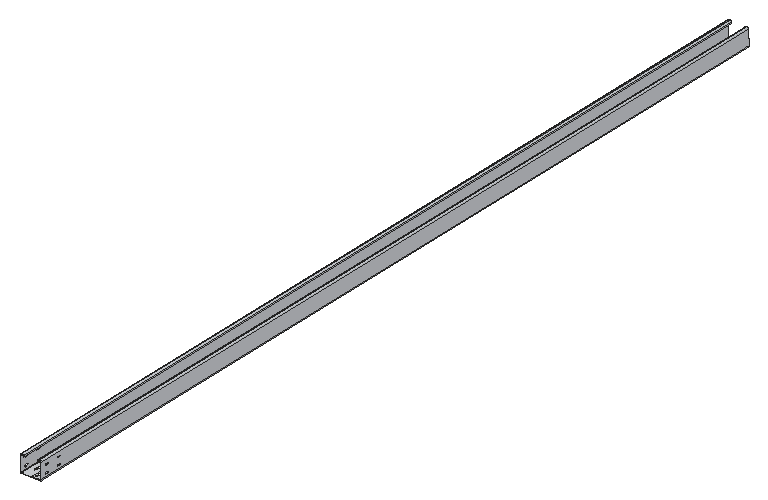
Revit family "Kabelrinne RKS- RKS 605 FS", category Generic Models, Revit 2017
Family settings
  Can host rebar = No
  Round Connector Dimension = Use Diameter
  Part Type = Normal
  Work Plane-Based = No
  Always vertical = Yes
  Cut with Voids When Loaded = No
  Shared = No
  Room Calculation Point = No
Parameters (values of type "RKS 607 FS")
  Width 2 = Width 1 / 2  # 35 mm
  Width 1 = 70 mm
  Width = 0.7 mm
  URL = "http://www.obo-bettermann.com"
  Material = Strip-galvanised
  Manufacturer Art.No. = "6055893"
  Manufacturer = "OBO BETTERMANN"
  Length = 3000 mm
  GTIN = "4012196388691"
  Cut's space = 50 mm
  Cut's number 3 = 2
  Cut's number 2 = Length / Cut's space - 1  # 59
  Cut's number = Length / Cut's space  # 60
  Article Type = "RKS 607 FS"
Reference planes
  plane 1 "Center (Front/Back)": y = 0
  plane 2: z = 0
  plane 3 "Center (Left/Right)": x = 0
  plane 4: z = 54
  plane 5: z = 60
  plane 6: y = 3000
  plane 7: y = 25
  plane 8: x = 12
  plane 9: y = 75
  plane 10: x = 12
  plane 11: y = 125
  plane 12: x = 12
  plane 13: y = 175
  plane 14: x = 12
  plane 15: y = 225
  plane 16: x = 12
  plane 17: y = 275
  plane 18: x = 12
  plane 19: y = 325
  plane 20: x = 12
  plane 21: y = 375
  plane 22: x = 12
  plane 23: y = 425
  plane 24: x = 12
  plane 25: y = 475
  plane 26: x = 12
  plane 27: y = 525
  plane 28: x = 12
  plane 29: y = 575
  plane 30: x = 12
  plane 31: y = 625
  plane 32: x = 12
  plane 33: y = 675
  plane 34: x = 12
  plane 35: y = 725
  plane 36: x = 12
  plane 37: y = 775
  plane 38: x = 12
  plane 39: y = 825
  plane 40: x = 12
  plane 41: y = 875
  plane 42: x = 12
  plane 43: y = 925
  plane 44: x = 12
  plane 45: y = 975
  plane 46: x = 12
  plane 47: y = 1025
  plane 48: x = 12
  plane 49: y = 1075
  plane 50: x = 12
  plane 51: y = 1125
  plane 52: x = 12
  plane 53: y = 1175
  plane 54: x = 12
  plane 55: y = 1225
  plane 56: x = 12
  plane 57: y = 1275
  plane 58: x = 12
  plane 59: y = 1325
  plane 60: x = 12
  plane 61: y = 1375
  plane 62: x = 12
  plane 63: y = 1425
  plane 64: x = 12
  plane 65: y = 1475
  plane 66: x = 12
  plane 67: y = 1525
  plane 68: x = 12
  plane 69: y = 1575
  plane 70: x = 12
  plane 71: y = 1625
  plane 72: x = 12
  plane 73: y = 1675
  plane 74: x = 12
  plane 75: y = 1725
  plane 76: x = 12
  plane 77: y = 1775
  plane 78: x = 12
  plane 79: y = 1825
  plane 80: x = 12
  plane 81: y = 1875
  plane 82: x = 12
  plane 83: y = 1925
  plane 84: x = 12
  plane 85: y = 1975
  plane 86: x = 12
  plane 87: y = 2025
  plane 88: x = 12
  plane 89: y = 2075
  plane 90: x = 12
  plane 91: y = 2125
  plane 92: x = 12
  plane 93: y = 2175
  plane 94: x = 12
  plane 95: y = 2225
  plane 96: x = 12
  plane 97: y = 2275
  plane 98: x = 12
  plane 99: y = 2325
  plane 100: x = 12
  plane 101: y = 2375
  plane 102: x = 12
  plane 103: y = 2425
  plane 104: x = 12
  plane 105: y = 2475
  plane 106: x = 12
  plane 107: y = 2525
  plane 108: x = 12
  plane 109: y = 2575
  plane 110: x = 12
  plane 111: y = 2625
  plane 112: x = 12
  plane 113: y = 2675
  plane 114: x = 12
  plane 115: y = 2725
  plane 116: x = 12
  plane 117: y = 2775
  plane 118: x = 12
  plane 119: y = 2825
  plane 120: x = 12
  plane 121: y = 2875
  plane 122: x = 12
  plane 123: y = 2925
  plane 124: x = 12
  plane 125: y = 2975
  plane 126: x = 12
  plane 127: y = 50
  plane 128: x = -12.5
  plane 129: y = 100
  plane 130: x = -12.5
  plane 131: y = 150
  plane 132: x = -12.5
  plane 133: y = 200
  plane 134: x = -12.5
  plane 135: y = 250
  plane 136: x = -12.5
  plane 137: y = 300
  plane 138: x = -12.5
  plane 139: y = 350
  plane 140: x = -12.5
  plane 141: y = 400
  plane 142: x = -12.5
  plane 143: y = 450
  plane 144: x = -12.5
  plane 145: y = 500
  plane 146: x = -12.5
  plane 147: y = 550
  plane 148: x = -12.5
  plane 149: y = 600
  plane 150: x = -12.5
  plane 151: y = 650
  plane 152: x = -12.5
  plane 153: y = 700
  plane 154: x = -12.5
  plane 155: y = 750
  plane 156: x = -12.5
  plane 157: y = 800
  plane 158: x = -12.5
  plane 159: y = 850
  plane 160: x = -12.5
  plane 161: y = 900
  plane 162: x = -12.5
  plane 163: y = 950
  plane 164: x = -12.5
  plane 165: y = 1000
  plane 166: x = -12.5
  plane 167: y = 1050
  plane 168: x = -12.5
  plane 169: y = 1100
  plane 170: x = -12.5
  plane 171: y = 1150
  plane 172: x = -12.5
  plane 173: y = 1200
  plane 174: x = -12.5
  plane 175: y = 1250
  plane 176: x = -12.5
  plane 177: y = 1300
  plane 178: x = -12.5
  plane 179: y = 1350
  plane 180: x = -12.5
  plane 181: y = 1400
  plane 182: x = -12.5
  plane 183: y = 1450
  plane 184: x = -12.5
  plane 185: y = 1500
  plane 186: x = -12.5
  plane 187: y = 1550
  plane 188: x = -12.5
  plane 189: y = 1600
  plane 190: x = -12.5
  plane 191: y = 1650
  plane 192: x = -12.5
  plane 193: y = 1700
  plane 194: x = -12.5
  plane 195: y = 1750
  plane 196: x = -12.5
  plane 197: y = 1800
  plane 198: x = -12.5
  plane 199: y = 1850
  plane 200: x = -12.5
  plane 201: y = 1900
  plane 202: x = -12.5
  plane 203: y = 1950
  plane 204: x = -12.5
  plane 205: y = 2000
  plane 206: x = -12.5
  plane 207: y = 2050
  plane 208: x = -12.5
  plane 209: y = 2100
  plane 210: x = -12.5
  plane 211: y = 2150
  plane 212: x = -12.5
  plane 213: y = 2200
  plane 214: x = -12.5
  plane 215: y = 2250
  plane 216: x = -12.5
  plane 217: y = 2300
  plane 218: x = -12.5
  plane 219: y = 2350
  plane 220: x = -12.5
  plane 221: y = 2400
  plane 222: x = -12.5
  plane 223: y = 2450
  plane 224: x = -12.5
  plane 225: y = 2500
  plane 226: x = -12.5
  plane 227: y = 2550
  plane 228: x = -12.5
  plane 229: y = 2600
  plane 230: x = -12.5
  plane 231: y = 2650
  plane 232: x = -12.5
  plane 233: y = 2700
  plane 234: x = -12.5
  plane 235: y = 2750
  plane 236: x = -12.5
  plane 237: y = 2800
  plane 238: x = -12.5
  plane 239: y = 2850
  plane 240: x = -12.5
  plane 241: y = 2900
  plane 242: x = -12.5
  plane 243: y = 2950
  plane 244: x = -12.5
  plane 245: z = 14.22
  plane 246: y = 25
  plane 247: z = 14.22
  plane 248: y = 25
  plane 249: z = 39.22
  plane 250: y = 25
  plane 251: z = 14.22
  plane 252: y = 75
  plane 253: z = 39.22
  plane 254: y = 75
  plane 255: z = 14.22
  plane 256: y = 25
  plane 257: z = 39.22
  plane 258: y = 25
  plane 259: z = 39.22
  plane 260: y = 75
Forms (mm)
  Extrusion 1, solid
    sketch origin (0, 0, 0) x (1, 0, 0) y (0, 0, 1)
      loop
        arc (-22.964, 54) -> (-28.982, 60.018) -> (-35, 54) r 6.018
        line (-35, 54) -> (-35, 1.8)
        arc (-35, 1.8) -> (-34.473, 0.527) -> (-33.2, 0) r 1.8
        line (-33.2, 0) -> (0, 0) -> (33.2, 0)
        arc (33.2, 0) -> (34.473, 0.527) -> (35, 1.8) r 1.8
        line (35, 1.8) -> (35, 54)
        arc (35, 54) -> (28.998, 60.002) -> (22.997, 54) r 6.002
        line (22.997, 54) -> (22.997, 50.963) -> (23.797, 50.963) -> (23.797, 54)
        arc (23.797, 54) -> (28.998, 59.202) -> (34.2, 54) r 5.202
        line (34.2, 54) -> (34.2, 1.8)
        arc (34.2, 1.8) -> (33.907, 1.093) -> (33.2, 0.8) r 1
        line (33.2, 0.8) -> (0, 0.8) -> (-33.2, 0.8)
        arc (-33.2, 0.8) -> (-33.907, 1.093) -> (-34.2, 1.8) r 1
        line (-34.2, 1.8) -> (-34.2, 54)
        arc (-34.2, 54) -> (-28.982, 59.218) -> (-23.764, 54) r 5.218
        line (-23.764, 54) -> (-23.764, 50.963) -> (-22.964, 50.963) -> (-22.964, 54)
    from 0 to -3000
  Extrusion 2, void
    sketch origin (0, 0, 0) x (1, 0, 0) y (0, 1, 0)
      loop
        arc (8.5, 12.5) -> (12, 9) -> (15.5, 12.5) r 3.5
        line (15.5, 12.5) -> (15.5, 37.5)
        arc (15.5, 37.5) -> (12, 41) -> (8.5, 37.5) r 3.5
        line (8.5, 37.5) -> (8.5, 12.5)
    from 0 to 0.8
  Extrusion 3, void
    sketch origin (0, 50, 0) x (1, 0, 0) y (0, 1, 0)
      loop
        arc (8.5, 12.5) -> (12, 9) -> (15.5, 12.5) r 3.5
        line (15.5, 12.5) -> (15.5, 37.5)
        arc (15.5, 37.5) -> (12, 41) -> (8.5, 37.5) r 3.5
        line (8.5, 37.5) -> (8.5, 12.5)
    from 0 to 0.8
  Extrusion 4, void
    sketch origin (0, 100, 0) x (1, 0, 0) y (0, 1, 0)
      loop
        arc (8.5, 12.5) -> (12, 9) -> (15.5, 12.5) r 3.5
        line (15.5, 12.5) -> (15.5, 37.5)
        arc (15.5, 37.5) -> (12, 41) -> (8.5, 37.5) r 3.5
        line (8.5, 37.5) -> (8.5, 12.5)
    from 0 to 0.8
  Extrusion 5, void
    sketch origin (0, 150, 0) x (1, 0, 0) y (0, 1, 0)
      loop
        arc (8.5, 12.5) -> (12, 9) -> (15.5, 12.5) r 3.5
        line (15.5, 12.5) -> (15.5, 37.5)
        arc (15.5, 37.5) -> (12, 41) -> (8.5, 37.5) r 3.5
        line (8.5, 37.5) -> (8.5, 12.5)
    from 0 to 0.8
  Extrusion 6, void
    sketch origin (0, 200, 0) x (1, 0, 0) y (0, 1, 0)
      loop
        arc (8.5, 12.5) -> (12, 9) -> (15.5, 12.5) r 3.5
        line (15.5, 12.5) -> (15.5, 37.5)
        arc (15.5, 37.5) -> (12, 41) -> (8.5, 37.5) r 3.5
        line (8.5, 37.5) -> (8.5, 12.5)
    from 0 to 0.8
  Extrusion 7, void
    sketch origin (0, 250, 0) x (1, 0, 0) y (0, 1, 0)
      loop
        arc (8.5, 12.5) -> (12, 9) -> (15.5, 12.5) r 3.5
        line (15.5, 12.5) -> (15.5, 37.5)
        arc (15.5, 37.5) -> (12, 41) -> (8.5, 37.5) r 3.5
        line (8.5, 37.5) -> (8.5, 12.5)
    from 0 to 0.8
  Extrusion 8, void
    sketch origin (0, 300, 0) x (1, 0, 0) y (0, 1, 0)
      loop
        arc (8.5, 12.5) -> (12, 9) -> (15.5, 12.5) r 3.5
        line (15.5, 12.5) -> (15.5, 37.5)
        arc (15.5, 37.5) -> (12, 41) -> (8.5, 37.5) r 3.5
        line (8.5, 37.5) -> (8.5, 12.5)
    from 0 to 0.8
  Extrusion 9, void
    sketch origin (0, 350, 0) x (1, 0, 0) y (0, 1, 0)
      loop
        arc (8.5, 12.5) -> (12, 9) -> (15.5, 12.5) r 3.5
        line (15.5, 12.5) -> (15.5, 37.5)
        arc (15.5, 37.5) -> (12, 41) -> (8.5, 37.5) r 3.5
        line (8.5, 37.5) -> (8.5, 12.5)
    from 0 to 0.8
  Extrusion 10, void
    sketch origin (0, 400, 0) x (1, 0, 0) y (0, 1, 0)
      loop
        arc (8.5, 12.5) -> (12, 9) -> (15.5, 12.5) r 3.5
        line (15.5, 12.5) -> (15.5, 37.5)
        arc (15.5, 37.5) -> (12, 41) -> (8.5, 37.5) r 3.5
        line (8.5, 37.5) -> (8.5, 12.5)
    from 0 to 0.8
  Extrusion 11, void
    sketch origin (0, 450, 0) x (1, 0, 0) y (0, 1, 0)
      loop
        arc (8.5, 12.5) -> (12, 9) -> (15.5, 12.5) r 3.5
        line (15.5, 12.5) -> (15.5, 37.5)
        arc (15.5, 37.5) -> (12, 41) -> (8.5, 37.5) r 3.5
        line (8.5, 37.5) -> (8.5, 12.5)
    from 0 to 0.8
  Extrusion 12, void
    sketch origin (0, 500, 0) x (1, 0, 0) y (0, 1, 0)
      loop
        arc (8.5, 12.5) -> (12, 9) -> (15.5, 12.5) r 3.5
        line (15.5, 12.5) -> (15.5, 37.5)
        arc (15.5, 37.5) -> (12, 41) -> (8.5, 37.5) r 3.5
        line (8.5, 37.5) -> (8.5, 12.5)
    from 0 to 0.8
  Extrusion 13, void
    sketch origin (0, 550, 0) x (1, 0, 0) y (0, 1, 0)
      loop
        arc (8.5, 12.5) -> (12, 9) -> (15.5, 12.5) r 3.5
        line (15.5, 12.5) -> (15.5, 37.5)
        arc (15.5, 37.5) -> (12, 41) -> (8.5, 37.5) r 3.5
        line (8.5, 37.5) -> (8.5, 12.5)
    from 0 to 0.8
  Extrusion 14, void
    sketch origin (0, 600, 0) x (1, 0, 0) y (0, 1, 0)
      loop
        arc (8.5, 12.5) -> (12, 9) -> (15.5, 12.5) r 3.5
        line (15.5, 12.5) -> (15.5, 37.5)
        arc (15.5, 37.5) -> (12, 41) -> (8.5, 37.5) r 3.5
        line (8.5, 37.5) -> (8.5, 12.5)
    from 0 to 0.8
  Extrusion 15, void
    sketch origin (0, 650, 0) x (1, 0, 0) y (0, 1, 0)
      loop
        arc (8.5, 12.5) -> (12, 9) -> (15.5, 12.5) r 3.5
        line (15.5, 12.5) -> (15.5, 37.5)
        arc (15.5, 37.5) -> (12, 41) -> (8.5, 37.5) r 3.5
        line (8.5, 37.5) -> (8.5, 12.5)
    from 0 to 0.8
  Extrusion 16, void
    sketch origin (0, 700, 0) x (1, 0, 0) y (0, 1, 0)
      loop
        arc (8.5, 12.5) -> (12, 9) -> (15.5, 12.5) r 3.5
        line (15.5, 12.5) -> (15.5, 37.5)
        arc (15.5, 37.5) -> (12, 41) -> (8.5, 37.5) r 3.5
        line (8.5, 37.5) -> (8.5, 12.5)
    from 0 to 0.8
  Extrusion 17, void
    sketch origin (0, 750, 0) x (1, 0, 0) y (0, 1, 0)
      loop
        arc (8.5, 12.5) -> (12, 9) -> (15.5, 12.5) r 3.5
        line (15.5, 12.5) -> (15.5, 37.5)
        arc (15.5, 37.5) -> (12, 41) -> (8.5, 37.5) r 3.5
        line (8.5, 37.5) -> (8.5, 12.5)
    from 0 to 0.8
  Extrusion 18, void
    sketch origin (0, 800, 0) x (1, 0, 0) y (0, 1, 0)
      loop
        arc (8.5, 12.5) -> (12, 9) -> (15.5, 12.5) r 3.5
        line (15.5, 12.5) -> (15.5, 37.5)
        arc (15.5, 37.5) -> (12, 41) -> (8.5, 37.5) r 3.5
        line (8.5, 37.5) -> (8.5, 12.5)
    from 0 to 0.8
  Extrusion 19, void
    sketch origin (0, 850, 0) x (1, 0, 0) y (0, 1, 0)
      loop
        arc (8.5, 12.5) -> (12, 9) -> (15.5, 12.5) r 3.5
        line (15.5, 12.5) -> (15.5, 37.5)
        arc (15.5, 37.5) -> (12, 41) -> (8.5, 37.5) r 3.5
        line (8.5, 37.5) -> (8.5, 12.5)
    from 0 to 0.8
  Extrusion 20, void
    sketch origin (0, 900, 0) x (1, 0, 0) y (0, 1, 0)
      loop
        arc (8.5, 12.5) -> (12, 9) -> (15.5, 12.5) r 3.5
        line (15.5, 12.5) -> (15.5, 37.5)
        arc (15.5, 37.5) -> (12, 41) -> (8.5, 37.5) r 3.5
        line (8.5, 37.5) -> (8.5, 12.5)
    from 0 to 0.8
  Extrusion 21, void
    sketch origin (0, 950, 0) x (1, 0, 0) y (0, 1, 0)
      loop
        arc (8.5, 12.5) -> (12, 9) -> (15.5, 12.5) r 3.5
        line (15.5, 12.5) -> (15.5, 37.5)
        arc (15.5, 37.5) -> (12, 41) -> (8.5, 37.5) r 3.5
        line (8.5, 37.5) -> (8.5, 12.5)
    from 0 to 0.8
  Extrusion 22, void
    sketch origin (0, 1000, 0) x (1, 0, 0) y (0, 1, 0)
      loop
        arc (8.5, 12.5) -> (12, 9) -> (15.5, 12.5) r 3.5
        line (15.5, 12.5) -> (15.5, 37.5)
        arc (15.5, 37.5) -> (12, 41) -> (8.5, 37.5) r 3.5
        line (8.5, 37.5) -> (8.5, 12.5)
    from 0 to 0.8
  Extrusion 23, void
    sketch origin (0, 1050, 0) x (1, 0, 0) y (0, 1, 0)
      loop
        arc (8.5, 12.5) -> (12, 9) -> (15.5, 12.5) r 3.5
        line (15.5, 12.5) -> (15.5, 37.5)
        arc (15.5, 37.5) -> (12, 41) -> (8.5, 37.5) r 3.5
        line (8.5, 37.5) -> (8.5, 12.5)
    from 0 to 0.8
  Extrusion 24, void
    sketch origin (0, 1100, 0) x (1, 0, 0) y (0, 1, 0)
      loop
        arc (8.5, 12.5) -> (12, 9) -> (15.5, 12.5) r 3.5
        line (15.5, 12.5) -> (15.5, 37.5)
        arc (15.5, 37.5) -> (12, 41) -> (8.5, 37.5) r 3.5
        line (8.5, 37.5) -> (8.5, 12.5)
    from 0 to 0.8
  Extrusion 25, void
    sketch origin (0, 1150, 0) x (1, 0, 0) y (0, 1, 0)
      loop
        arc (8.5, 12.5) -> (12, 9) -> (15.5, 12.5) r 3.5
        line (15.5, 12.5) -> (15.5, 37.5)
        arc (15.5, 37.5) -> (12, 41) -> (8.5, 37.5) r 3.5
        line (8.5, 37.5) -> (8.5, 12.5)
    from 0 to 0.8
  Extrusion 26, void
    sketch origin (0, 1200, 0) x (1, 0, 0) y (0, 1, 0)
      loop
        arc (8.5, 12.5) -> (12, 9) -> (15.5, 12.5) r 3.5
        line (15.5, 12.5) -> (15.5, 37.5)
        arc (15.5, 37.5) -> (12, 41) -> (8.5, 37.5) r 3.5
        line (8.5, 37.5) -> (8.5, 12.5)
    from 0 to 0.8
  Extrusion 27, void
    sketch origin (0, 1250, 0) x (1, 0, 0) y (0, 1, 0)
      loop
        arc (8.5, 12.5) -> (12, 9) -> (15.5, 12.5) r 3.5
        line (15.5, 12.5) -> (15.5, 37.5)
        arc (15.5, 37.5) -> (12, 41) -> (8.5, 37.5) r 3.5
        line (8.5, 37.5) -> (8.5, 12.5)
    from 0 to 0.8
  Extrusion 28, void
    sketch origin (0, 1300, 0) x (1, 0, 0) y (0, 1, 0)
      loop
        arc (8.5, 12.5) -> (12, 9) -> (15.5, 12.5) r 3.5
        line (15.5, 12.5) -> (15.5, 37.5)
        arc (15.5, 37.5) -> (12, 41) -> (8.5, 37.5) r 3.5
        line (8.5, 37.5) -> (8.5, 12.5)
    from 0 to 0.8
  Extrusion 29, void
    sketch origin (0, 1350, 0) x (1, 0, 0) y (0, 1, 0)
      loop
        arc (8.5, 12.5) -> (12, 9) -> (15.5, 12.5) r 3.5
        line (15.5, 12.5) -> (15.5, 37.5)
        arc (15.5, 37.5) -> (12, 41) -> (8.5, 37.5) r 3.5
        line (8.5, 37.5) -> (8.5, 12.5)
    from 0 to 0.8
  Extrusion 30, void
    sketch origin (0, 1400, 0) x (1, 0, 0) y (0, 1, 0)
      loop
        arc (8.5, 12.5) -> (12, 9) -> (15.5, 12.5) r 3.5
        line (15.5, 12.5) -> (15.5, 37.5)
        arc (15.5, 37.5) -> (12, 41) -> (8.5, 37.5) r 3.5
        line (8.5, 37.5) -> (8.5, 12.5)
    from 0 to 0.8
  Extrusion 31, void
    sketch origin (0, 1450, 0) x (1, 0, 0) y (0, 1, 0)
      loop
        arc (8.5, 12.5) -> (12, 9) -> (15.5, 12.5) r 3.5
        line (15.5, 12.5) -> (15.5, 37.5)
        arc (15.5, 37.5) -> (12, 41) -> (8.5, 37.5) r 3.5
        line (8.5, 37.5) -> (8.5, 12.5)
    from 0 to 0.8
  Extrusion 32, void
    sketch origin (0, 1500, 0) x (1, 0, 0) y (0, 1, 0)
      loop
        arc (8.5, 12.5) -> (12, 9) -> (15.5, 12.5) r 3.5
        line (15.5, 12.5) -> (15.5, 37.5)
        arc (15.5, 37.5) -> (12, 41) -> (8.5, 37.5) r 3.5
        line (8.5, 37.5) -> (8.5, 12.5)
    from 0 to 0.8
  Extrusion 33, void
    sketch origin (0, 1550, 0) x (1, 0, 0) y (0, 1, 0)
      loop
        arc (8.5, 12.5) -> (12, 9) -> (15.5, 12.5) r 3.5
        line (15.5, 12.5) -> (15.5, 37.5)
        arc (15.5, 37.5) -> (12, 41) -> (8.5, 37.5) r 3.5
        line (8.5, 37.5) -> (8.5, 12.5)
    from 0 to 0.8
  Extrusion 34, void
    sketch origin (0, 1600, 0) x (1, 0, 0) y (0, 1, 0)
      loop
        arc (8.5, 12.5) -> (12, 9) -> (15.5, 12.5) r 3.5
        line (15.5, 12.5) -> (15.5, 37.5)
        arc (15.5, 37.5) -> (12, 41) -> (8.5, 37.5) r 3.5
        line (8.5, 37.5) -> (8.5, 12.5)
    from 0 to 0.8
  Extrusion 35, void
    sketch origin (0, 1650, 0) x (1, 0, 0) y (0, 1, 0)
      loop
        arc (8.5, 12.5) -> (12, 9) -> (15.5, 12.5) r 3.5
        line (15.5, 12.5) -> (15.5, 37.5)
        arc (15.5, 37.5) -> (12, 41) -> (8.5, 37.5) r 3.5
        line (8.5, 37.5) -> (8.5, 12.5)
    from 0 to 0.8
  Extrusion 36, void
    sketch origin (0, 1700, 0) x (1, 0, 0) y (0, 1, 0)
      loop
        arc (8.5, 12.5) -> (12, 9) -> (15.5, 12.5) r 3.5
        line (15.5, 12.5) -> (15.5, 37.5)
        arc (15.5, 37.5) -> (12, 41) -> (8.5, 37.5) r 3.5
        line (8.5, 37.5) -> (8.5, 12.5)
    from 0 to 0.8
  Extrusion 37, void
    sketch origin (0, 1750, 0) x (1, 0, 0) y (0, 1, 0)
      loop
        arc (8.5, 12.5) -> (12, 9) -> (15.5, 12.5) r 3.5
        line (15.5, 12.5) -> (15.5, 37.5)
        arc (15.5, 37.5) -> (12, 41) -> (8.5, 37.5) r 3.5
        line (8.5, 37.5) -> (8.5, 12.5)
    from 0 to 0.8
  Extrusion 38, void
    sketch origin (0, 1800, 0) x (1, 0, 0) y (0, 1, 0)
      loop
        arc (8.5, 12.5) -> (12, 9) -> (15.5, 12.5) r 3.5
        line (15.5, 12.5) -> (15.5, 37.5)
        arc (15.5, 37.5) -> (12, 41) -> (8.5, 37.5) r 3.5
        line (8.5, 37.5) -> (8.5, 12.5)
    from 0 to 0.8
  Extrusion 39, void
    sketch origin (0, 1850, 0) x (1, 0, 0) y (0, 1, 0)
      loop
        arc (8.5, 12.5) -> (12, 9) -> (15.5, 12.5) r 3.5
        line (15.5, 12.5) -> (15.5, 37.5)
        arc (15.5, 37.5) -> (12, 41) -> (8.5, 37.5) r 3.5
        line (8.5, 37.5) -> (8.5, 12.5)
    from 0 to 0.8
  Extrusion 40, void
    sketch origin (0, 1900, 0) x (1, 0, 0) y (0, 1, 0)
      loop
        arc (8.5, 12.5) -> (12, 9) -> (15.5, 12.5) r 3.5
        line (15.5, 12.5) -> (15.5, 37.5)
        arc (15.5, 37.5) -> (12, 41) -> (8.5, 37.5) r 3.5
        line (8.5, 37.5) -> (8.5, 12.5)
    from 0 to 0.8
  Extrusion 41, void
    sketch origin (0, 1950, 0) x (1, 0, 0) y (0, 1, 0)
      loop
        arc (8.5, 12.5) -> (12, 9) -> (15.5, 12.5) r 3.5
        line (15.5, 12.5) -> (15.5, 37.5)
        arc (15.5, 37.5) -> (12, 41) -> (8.5, 37.5) r 3.5
        line (8.5, 37.5) -> (8.5, 12.5)
    from 0 to 0.8
  Extrusion 42, void
    sketch origin (0, 2000, 0) x (1, 0, 0) y (0, 1, 0)
      loop
        arc (8.5, 12.5) -> (12, 9) -> (15.5, 12.5) r 3.5
        line (15.5, 12.5) -> (15.5, 37.5)
        arc (15.5, 37.5) -> (12, 41) -> (8.5, 37.5) r 3.5
        line (8.5, 37.5) -> (8.5, 12.5)
    from 0 to 0.8
  Extrusion 43, void
    sketch origin (0, 2050, 0) x (1, 0, 0) y (0, 1, 0)
      loop
        arc (8.5, 12.5) -> (12, 9) -> (15.5, 12.5) r 3.5
        line (15.5, 12.5) -> (15.5, 37.5)
        arc (15.5, 37.5) -> (12, 41) -> (8.5, 37.5) r 3.5
        line (8.5, 37.5) -> (8.5, 12.5)
    from 0 to 0.8
  Extrusion 44, void
    sketch origin (0, 2100, 0) x (1, 0, 0) y (0, 1, 0)
      loop
        arc (8.5, 12.5) -> (12, 9) -> (15.5, 12.5) r 3.5
        line (15.5, 12.5) -> (15.5, 37.5)
        arc (15.5, 37.5) -> (12, 41) -> (8.5, 37.5) r 3.5
        line (8.5, 37.5) -> (8.5, 12.5)
    from 0 to 0.8
  Extrusion 45, void
    sketch origin (0, 2150, 0) x (1, 0, 0) y (0, 1, 0)
      loop
        arc (8.5, 12.5) -> (12, 9) -> (15.5, 12.5) r 3.5
        line (15.5, 12.5) -> (15.5, 37.5)
        arc (15.5, 37.5) -> (12, 41) -> (8.5, 37.5) r 3.5
        line (8.5, 37.5) -> (8.5, 12.5)
    from 0 to 0.8
  Extrusion 46, void
    sketch origin (0, 2200, 0) x (1, 0, 0) y (0, 1, 0)
      loop
        arc (8.5, 12.5) -> (12, 9) -> (15.5, 12.5) r 3.5
        line (15.5, 12.5) -> (15.5, 37.5)
        arc (15.5, 37.5) -> (12, 41) -> (8.5, 37.5) r 3.5
        line (8.5, 37.5) -> (8.5, 12.5)
    from 0 to 0.8
  Extrusion 47, void
    sketch origin (0, 2250, 0) x (1, 0, 0) y (0, 1, 0)
      loop
        arc (8.5, 12.5) -> (12, 9) -> (15.5, 12.5) r 3.5
        line (15.5, 12.5) -> (15.5, 37.5)
        arc (15.5, 37.5) -> (12, 41) -> (8.5, 37.5) r 3.5
        line (8.5, 37.5) -> (8.5, 12.5)
    from 0 to 0.8
  Extrusion 48, void
    sketch origin (0, 2300, 0) x (1, 0, 0) y (0, 1, 0)
      loop
        arc (8.5, 12.5) -> (12, 9) -> (15.5, 12.5) r 3.5
        line (15.5, 12.5) -> (15.5, 37.5)
        arc (15.5, 37.5) -> (12, 41) -> (8.5, 37.5) r 3.5
        line (8.5, 37.5) -> (8.5, 12.5)
    from 0 to 0.8
  Extrusion 49, void
    sketch origin (0, 2350, 0) x (1, 0, 0) y (0, 1, 0)
      loop
        arc (8.5, 12.5) -> (12, 9) -> (15.5, 12.5) r 3.5
        line (15.5, 12.5) -> (15.5, 37.5)
        arc (15.5, 37.5) -> (12, 41) -> (8.5, 37.5) r 3.5
        line (8.5, 37.5) -> (8.5, 12.5)
    from 0 to 0.8
  Extrusion 50, void
    sketch origin (0, 2400, 0) x (1, 0, 0) y (0, 1, 0)
      loop
        arc (8.5, 12.5) -> (12, 9) -> (15.5, 12.5) r 3.5
        line (15.5, 12.5) -> (15.5, 37.5)
        arc (15.5, 37.5) -> (12, 41) -> (8.5, 37.5) r 3.5
        line (8.5, 37.5) -> (8.5, 12.5)
    from 0 to 0.8
  Extrusion 51, void
    sketch origin (0, 2450, 0) x (1, 0, 0) y (0, 1, 0)
      loop
        arc (8.5, 12.5) -> (12, 9) -> (15.5, 12.5) r 3.5
        line (15.5, 12.5) -> (15.5, 37.5)
        arc (15.5, 37.5) -> (12, 41) -> (8.5, 37.5) r 3.5
        line (8.5, 37.5) -> (8.5, 12.5)
    from 0 to 0.8
  Extrusion 52, void
    sketch origin (0, 2500, 0) x (1, 0, 0) y (0, 1, 0)
      loop
        arc (8.5, 12.5) -> (12, 9) -> (15.5, 12.5) r 3.5
        line (15.5, 12.5) -> (15.5, 37.5)
        arc (15.5, 37.5) -> (12, 41) -> (8.5, 37.5) r 3.5
        line (8.5, 37.5) -> (8.5, 12.5)
    from 0 to 0.8
  Extrusion 53, void
    sketch origin (0, 2550, 0) x (1, 0, 0) y (0, 1, 0)
      loop
        arc (8.5, 12.5) -> (12, 9) -> (15.5, 12.5) r 3.5
        line (15.5, 12.5) -> (15.5, 37.5)
        arc (15.5, 37.5) -> (12, 41) -> (8.5, 37.5) r 3.5
        line (8.5, 37.5) -> (8.5, 12.5)
    from 0 to 0.8
  Extrusion 54, void
    sketch origin (0, 2600, 0) x (1, 0, 0) y (0, 1, 0)
      loop
        arc (8.5, 12.5) -> (12, 9) -> (15.5, 12.5) r 3.5
        line (15.5, 12.5) -> (15.5, 37.5)
        arc (15.5, 37.5) -> (12, 41) -> (8.5, 37.5) r 3.5
        line (8.5, 37.5) -> (8.5, 12.5)
    from 0 to 0.8
  Extrusion 55, void
    sketch origin (0, 2650, 0) x (1, 0, 0) y (0, 1, 0)
      loop
        arc (8.5, 12.5) -> (12, 9) -> (15.5, 12.5) r 3.5
        line (15.5, 12.5) -> (15.5, 37.5)
        arc (15.5, 37.5) -> (12, 41) -> (8.5, 37.5) r 3.5
        line (8.5, 37.5) -> (8.5, 12.5)
    from 0 to 0.8
  Extrusion 56, void
    sketch origin (0, 2700, 0) x (1, 0, 0) y (0, 1, 0)
      loop
        arc (8.5, 12.5) -> (12, 9) -> (15.5, 12.5) r 3.5
        line (15.5, 12.5) -> (15.5, 37.5)
        arc (15.5, 37.5) -> (12, 41) -> (8.5, 37.5) r 3.5
        line (8.5, 37.5) -> (8.5, 12.5)
    from 0 to 0.8
  Extrusion 57, void
    sketch origin (0, 2750, 0) x (1, 0, 0) y (0, 1, 0)
      loop
        arc (8.5, 12.5) -> (12, 9) -> (15.5, 12.5) r 3.5
        line (15.5, 12.5) -> (15.5, 37.5)
        arc (15.5, 37.5) -> (12, 41) -> (8.5, 37.5) r 3.5
        line (8.5, 37.5) -> (8.5, 12.5)
    from 0 to 0.8
  Extrusion 58, void
    sketch origin (0, 2800, 0) x (1, 0, 0) y (0, 1, 0)
      loop
        arc (8.5, 12.5) -> (12, 9) -> (15.5, 12.5) r 3.5
        line (15.5, 12.5) -> (15.5, 37.5)
        arc (15.5, 37.5) -> (12, 41) -> (8.5, 37.5) r 3.5
        line (8.5, 37.5) -> (8.5, 12.5)
    from 0 to 0.8
  Extrusion 59, void
    sketch origin (0, 2850, 0) x (1, 0, 0) y (0, 1, 0)
      loop
        arc (8.5, 12.5) -> (12, 9) -> (15.5, 12.5) r 3.5
        line (15.5, 12.5) -> (15.5, 37.5)
        arc (15.5, 37.5) -> (12, 41) -> (8.5, 37.5) r 3.5
        line (8.5, 37.5) -> (8.5, 12.5)
    from 0 to 0.8
  Extrusion 60, void
    sketch origin (0, 2900, 0) x (1, 0, 0) y (0, 1, 0)
      loop
        arc (8.5, 12.5) -> (12, 9) -> (15.5, 12.5) r 3.5
        line (15.5, 12.5) -> (15.5, 37.5)
        arc (15.5, 37.5) -> (12, 41) -> (8.5, 37.5) r 3.5
        line (8.5, 37.5) -> (8.5, 12.5)
    from 0 to 0.8
  Extrusion 61, void
    sketch origin (0, 2950, 0) x (1, 0, 0) y (0, 1, 0)
      loop
        arc (8.5, 12.5) -> (12, 9) -> (15.5, 12.5) r 3.5
        line (15.5, 12.5) -> (15.5, 37.5)
        arc (15.5, 37.5) -> (12, 41) -> (8.5, 37.5) r 3.5
        line (8.5, 37.5) -> (8.5, 12.5)
    from 0 to 0.8
  Extrusion 62, void
    sketch origin (0, 0, 0) x (1, 0, 0) y (0, 1, 0)
      loop
        arc (-16, 37.5) -> (-12.5, 34) -> (-9, 37.5) r 3.5
        line (-9, 37.5) -> (-9, 62.5)
        arc (-9, 62.5) -> (-12.5, 66) -> (-16, 62.5) r 3.5
        line (-16, 62.5) -> (-16, 37.5)
    from 0 to 0.8
  Extrusion 63, void
    sketch origin (0, 50, 0) x (1, 0, 0) y (0, 1, 0)
      loop
        arc (-16, 37.5) -> (-12.5, 34) -> (-9, 37.5) r 3.5
        line (-9, 37.5) -> (-9, 62.5)
        arc (-9, 62.5) -> (-12.5, 66) -> (-16, 62.5) r 3.5
        line (-16, 62.5) -> (-16, 37.5)
    from 0 to 0.8
  Extrusion 64, void
    sketch origin (0, 100, 0) x (1, 0, 0) y (0, 1, 0)
      loop
        arc (-16, 37.5) -> (-12.5, 34) -> (-9, 37.5) r 3.5
        line (-9, 37.5) -> (-9, 62.5)
        arc (-9, 62.5) -> (-12.5, 66) -> (-16, 62.5) r 3.5
        line (-16, 62.5) -> (-16, 37.5)
    from 0 to 0.8
  Extrusion 65, void
    sketch origin (0, 150, 0) x (1, 0, 0) y (0, 1, 0)
      loop
        arc (-16, 37.5) -> (-12.5, 34) -> (-9, 37.5) r 3.5
        line (-9, 37.5) -> (-9, 62.5)
        arc (-9, 62.5) -> (-12.5, 66) -> (-16, 62.5) r 3.5
        line (-16, 62.5) -> (-16, 37.5)
    from 0 to 0.8
  Extrusion 66, void
    sketch origin (0, 200, 0) x (1, 0, 0) y (0, 1, 0)
      loop
        arc (-16, 37.5) -> (-12.5, 34) -> (-9, 37.5) r 3.5
        line (-9, 37.5) -> (-9, 62.5)
        arc (-9, 62.5) -> (-12.5, 66) -> (-16, 62.5) r 3.5
        line (-16, 62.5) -> (-16, 37.5)
    from 0 to 0.8
  Extrusion 67, void
    sketch origin (0, 250, 0) x (1, 0, 0) y (0, 1, 0)
      loop
        arc (-16, 37.5) -> (-12.5, 34) -> (-9, 37.5) r 3.5
        line (-9, 37.5) -> (-9, 62.5)
        arc (-9, 62.5) -> (-12.5, 66) -> (-16, 62.5) r 3.5
        line (-16, 62.5) -> (-16, 37.5)
    from 0 to 0.8
  Extrusion 68, void
    sketch origin (0, 300, 0) x (1, 0, 0) y (0, 1, 0)
      loop
        arc (-16, 37.5) -> (-12.5, 34) -> (-9, 37.5) r 3.5
        line (-9, 37.5) -> (-9, 62.5)
        arc (-9, 62.5) -> (-12.5, 66) -> (-16, 62.5) r 3.5
        line (-16, 62.5) -> (-16, 37.5)
    from 0 to 0.8
  Extrusion 69, void
    sketch origin (0, 350, 0) x (1, 0, 0) y (0, 1, 0)
      loop
        arc (-16, 37.5) -> (-12.5, 34) -> (-9, 37.5) r 3.5
        line (-9, 37.5) -> (-9, 62.5)
        arc (-9, 62.5) -> (-12.5, 66) -> (-16, 62.5) r 3.5
        line (-16, 62.5) -> (-16, 37.5)
    from 0 to 0.8
  Extrusion 70, void
    sketch origin (0, 400, 0) x (1, 0, 0) y (0, 1, 0)
      loop
        arc (-16, 37.5) -> (-12.5, 34) -> (-9, 37.5) r 3.5
        line (-9, 37.5) -> (-9, 62.5)
        arc (-9, 62.5) -> (-12.5, 66) -> (-16, 62.5) r 3.5
        line (-16, 62.5) -> (-16, 37.5)
    from 0 to 0.8
  Extrusion 71, void
    sketch origin (0, 450, 0) x (1, 0, 0) y (0, 1, 0)
      loop
        arc (-16, 37.5) -> (-12.5, 34) -> (-9, 37.5) r 3.5
        line (-9, 37.5) -> (-9, 62.5)
        arc (-9, 62.5) -> (-12.5, 66) -> (-16, 62.5) r 3.5
        line (-16, 62.5) -> (-16, 37.5)
    from 0 to 0.8
  Extrusion 72, void
    sketch origin (0, 500, 0) x (1, 0, 0) y (0, 1, 0)
      loop
        arc (-16, 37.5) -> (-12.5, 34) -> (-9, 37.5) r 3.5
        line (-9, 37.5) -> (-9, 62.5)
        arc (-9, 62.5) -> (-12.5, 66) -> (-16, 62.5) r 3.5
        line (-16, 62.5) -> (-16, 37.5)
    from 0 to 0.8
  Extrusion 73, void
    sketch origin (0, 550, 0) x (1, 0, 0) y (0, 1, 0)
      loop
        arc (-16, 37.5) -> (-12.5, 34) -> (-9, 37.5) r 3.5
        line (-9, 37.5) -> (-9, 62.5)
        arc (-9, 62.5) -> (-12.5, 66) -> (-16, 62.5) r 3.5
        line (-16, 62.5) -> (-16, 37.5)
    from 0 to 0.8
  Extrusion 74, void
    sketch origin (0, 600, 0) x (1, 0, 0) y (0, 1, 0)
      loop
        arc (-16, 37.5) -> (-12.5, 34) -> (-9, 37.5) r 3.5
        line (-9, 37.5) -> (-9, 62.5)
        arc (-9, 62.5) -> (-12.5, 66) -> (-16, 62.5) r 3.5
        line (-16, 62.5) -> (-16, 37.5)
    from 0 to 0.8
  Extrusion 75, void
    sketch origin (0, 650, 0) x (1, 0, 0) y (0, 1, 0)
      loop
        arc (-16, 37.5) -> (-12.5, 34) -> (-9, 37.5) r 3.5
        line (-9, 37.5) -> (-9, 62.5)
        arc (-9, 62.5) -> (-12.5, 66) -> (-16, 62.5) r 3.5
        line (-16, 62.5) -> (-16, 37.5)
    from 0 to 0.8
  Extrusion 76, void
    sketch origin (0, 700, 0) x (1, 0, 0) y (0, 1, 0)
      loop
        arc (-16, 37.5) -> (-12.5, 34) -> (-9, 37.5) r 3.5
        line (-9, 37.5) -> (-9, 62.5)
        arc (-9, 62.5) -> (-12.5, 66) -> (-16, 62.5) r 3.5
        line (-16, 62.5) -> (-16, 37.5)
    from 0 to 0.8
  Extrusion 77, void
    sketch origin (0, 750, 0) x (1, 0, 0) y (0, 1, 0)
      loop
        arc (-16, 37.5) -> (-12.5, 34) -> (-9, 37.5) r 3.5
        line (-9, 37.5) -> (-9, 62.5)
        arc (-9, 62.5) -> (-12.5, 66) -> (-16, 62.5) r 3.5
        line (-16, 62.5) -> (-16, 37.5)
    from 0 to 0.8
  Extrusion 78, void
    sketch origin (0, 800, 0) x (1, 0, 0) y (0, 1, 0)
      loop
        arc (-16, 37.5) -> (-12.5, 34) -> (-9, 37.5) r 3.5
        line (-9, 37.5) -> (-9, 62.5)
        arc (-9, 62.5) -> (-12.5, 66) -> (-16, 62.5) r 3.5
        line (-16, 62.5) -> (-16, 37.5)
    from 0 to 0.8
  Extrusion 79, void
    sketch origin (0, 850, 0) x (1, 0, 0) y (0, 1, 0)
      loop
        arc (-16, 37.5) -> (-12.5, 34) -> (-9, 37.5) r 3.5
        line (-9, 37.5) -> (-9, 62.5)
        arc (-9, 62.5) -> (-12.5, 66) -> (-16, 62.5) r 3.5
        line (-16, 62.5) -> (-16, 37.5)
    from 0 to 0.8
  Extrusion 80, void
    sketch origin (0, 900, 0) x (1, 0, 0) y (0, 1, 0)
      loop
        arc (-16, 37.5) -> (-12.5, 34) -> (-9, 37.5) r 3.5
        line (-9, 37.5) -> (-9, 62.5)
        arc (-9, 62.5) -> (-12.5, 66) -> (-16, 62.5) r 3.5
        line (-16, 62.5) -> (-16, 37.5)
    from 0 to 0.8
  Extrusion 81, void
    sketch origin (0, 950, 0) x (1, 0, 0) y (0, 1, 0)
      loop
        arc (-16, 37.5) -> (-12.5, 34) -> (-9, 37.5) r 3.5
        line (-9, 37.5) -> (-9, 62.5)
        arc (-9, 62.5) -> (-12.5, 66) -> (-16, 62.5) r 3.5
        line (-16, 62.5) -> (-16, 37.5)
    from 0 to 0.8
  Extrusion 82, void
    sketch origin (0, 1000, 0) x (1, 0, 0) y (0, 1, 0)
      loop
        arc (-16, 37.5) -> (-12.5, 34) -> (-9, 37.5) r 3.5
        line (-9, 37.5) -> (-9, 62.5)
        arc (-9, 62.5) -> (-12.5, 66) -> (-16, 62.5) r 3.5
        line (-16, 62.5) -> (-16, 37.5)
    from 0 to 0.8
  Extrusion 83, void
    sketch origin (0, 1050, 0) x (1, 0, 0) y (0, 1, 0)
      loop
        arc (-16, 37.5) -> (-12.5, 34) -> (-9, 37.5) r 3.5
        line (-9, 37.5) -> (-9, 62.5)
        arc (-9, 62.5) -> (-12.5, 66) -> (-16, 62.5) r 3.5
        line (-16, 62.5) -> (-16, 37.5)
    from 0 to 0.8
  Extrusion 84, void
    sketch origin (0, 1100, 0) x (1, 0, 0) y (0, 1, 0)
      loop
        arc (-16, 37.5) -> (-12.5, 34) -> (-9, 37.5) r 3.5
        line (-9, 37.5) -> (-9, 62.5)
        arc (-9, 62.5) -> (-12.5, 66) -> (-16, 62.5) r 3.5
        line (-16, 62.5) -> (-16, 37.5)
    from 0 to 0.8
  Extrusion 85, void
    sketch origin (0, 1150, 0) x (1, 0, 0) y (0, 1, 0)
      loop
        arc (-16, 37.5) -> (-12.5, 34) -> (-9, 37.5) r 3.5
        line (-9, 37.5) -> (-9, 62.5)
        arc (-9, 62.5) -> (-12.5, 66) -> (-16, 62.5) r 3.5
        line (-16, 62.5) -> (-16, 37.5)
    from 0 to 0.8
  Extrusion 86, void
    sketch origin (0, 1200, 0) x (1, 0, 0) y (0, 1, 0)
      loop
        arc (-16, 37.5) -> (-12.5, 34) -> (-9, 37.5) r 3.5
        line (-9, 37.5) -> (-9, 62.5)
        arc (-9, 62.5) -> (-12.5, 66) -> (-16, 62.5) r 3.5
        line (-16, 62.5) -> (-16, 37.5)
    from 0 to 0.8
  Extrusion 87, void
    sketch origin (0, 1250, 0) x (1, 0, 0) y (0, 1, 0)
      loop
        arc (-16, 37.5) -> (-12.5, 34) -> (-9, 37.5) r 3.5
        line (-9, 37.5) -> (-9, 62.5)
        arc (-9, 62.5) -> (-12.5, 66) -> (-16, 62.5) r 3.5
        line (-16, 62.5) -> (-16, 37.5)
    from 0 to 0.8
  Extrusion 88, void
    sketch origin (0, 1300, 0) x (1, 0, 0) y (0, 1, 0)
      loop
        arc (-16, 37.5) -> (-12.5, 34) -> (-9, 37.5) r 3.5
        line (-9, 37.5) -> (-9, 62.5)
        arc (-9, 62.5) -> (-12.5, 66) -> (-16, 62.5) r 3.5
        line (-16, 62.5) -> (-16, 37.5)
    from 0 to 0.8
  Extrusion 89, void
    sketch origin (0, 1350, 0) x (1, 0, 0) y (0, 1, 0)
      loop
        arc (-16, 37.5) -> (-12.5, 34) -> (-9, 37.5) r 3.5
        line (-9, 37.5) -> (-9, 62.5)
        arc (-9, 62.5) -> (-12.5, 66) -> (-16, 62.5) r 3.5
        line (-16, 62.5) -> (-16, 37.5)
    from 0 to 0.8
  Extrusion 90, void
    sketch origin (0, 1400, 0) x (1, 0, 0) y (0, 1, 0)
      loop
        arc (-16, 37.5) -> (-12.5, 34) -> (-9, 37.5) r 3.5
        line (-9, 37.5) -> (-9, 62.5)
        arc (-9, 62.5) -> (-12.5, 66) -> (-16, 62.5) r 3.5
        line (-16, 62.5) -> (-16, 37.5)
    from 0 to 0.8
  Extrusion 91, void
    sketch origin (0, 1450, 0) x (1, 0, 0) y (0, 1, 0)
      loop
        arc (-16, 37.5) -> (-12.5, 34) -> (-9, 37.5) r 3.5
        line (-9, 37.5) -> (-9, 62.5)
        arc (-9, 62.5) -> (-12.5, 66) -> (-16, 62.5) r 3.5
        line (-16, 62.5) -> (-16, 37.5)
    from 0 to 0.8
  Extrusion 92, void
    sketch origin (0, 1500, 0) x (1, 0, 0) y (0, 1, 0)
      loop
        arc (-16, 37.5) -> (-12.5, 34) -> (-9, 37.5) r 3.5
        line (-9, 37.5) -> (-9, 62.5)
        arc (-9, 62.5) -> (-12.5, 66) -> (-16, 62.5) r 3.5
        line (-16, 62.5) -> (-16, 37.5)
    from 0 to 0.8
  Extrusion 93, void
    sketch origin (0, 1550, 0) x (1, 0, 0) y (0, 1, 0)
      loop
        arc (-16, 37.5) -> (-12.5, 34) -> (-9, 37.5) r 3.5
        line (-9, 37.5) -> (-9, 62.5)
        arc (-9, 62.5) -> (-12.5, 66) -> (-16, 62.5) r 3.5
        line (-16, 62.5) -> (-16, 37.5)
    from 0 to 0.8
  Extrusion 94, void
    sketch origin (0, 1600, 0) x (1, 0, 0) y (0, 1, 0)
      loop
        arc (-16, 37.5) -> (-12.5, 34) -> (-9, 37.5) r 3.5
        line (-9, 37.5) -> (-9, 62.5)
        arc (-9, 62.5) -> (-12.5, 66) -> (-16, 62.5) r 3.5
        line (-16, 62.5) -> (-16, 37.5)
    from 0 to 0.8
  Extrusion 95, void
    sketch origin (0, 1650, 0) x (1, 0, 0) y (0, 1, 0)
      loop
        arc (-16, 37.5) -> (-12.5, 34) -> (-9, 37.5) r 3.5
        line (-9, 37.5) -> (-9, 62.5)
        arc (-9, 62.5) -> (-12.5, 66) -> (-16, 62.5) r 3.5
        line (-16, 62.5) -> (-16, 37.5)
    from 0 to 0.8
  Extrusion 96, void
    sketch origin (0, 1700, 0) x (1, 0, 0) y (0, 1, 0)
      loop
        arc (-16, 37.5) -> (-12.5, 34) -> (-9, 37.5) r 3.5
        line (-9, 37.5) -> (-9, 62.5)
        arc (-9, 62.5) -> (-12.5, 66) -> (-16, 62.5) r 3.5
        line (-16, 62.5) -> (-16, 37.5)
    from 0 to 0.8
  Extrusion 97, void
    sketch origin (0, 1750, 0) x (1, 0, 0) y (0, 1, 0)
      loop
        arc (-16, 37.5) -> (-12.5, 34) -> (-9, 37.5) r 3.5
        line (-9, 37.5) -> (-9, 62.5)
        arc (-9, 62.5) -> (-12.5, 66) -> (-16, 62.5) r 3.5
        line (-16, 62.5) -> (-16, 37.5)
    from 0 to 0.8
  Extrusion 98, void
    sketch origin (0, 1800, 0) x (1, 0, 0) y (0, 1, 0)
      loop
        arc (-16, 37.5) -> (-12.5, 34) -> (-9, 37.5) r 3.5
        line (-9, 37.5) -> (-9, 62.5)
        arc (-9, 62.5) -> (-12.5, 66) -> (-16, 62.5) r 3.5
        line (-16, 62.5) -> (-16, 37.5)
    from 0 to 0.8
  Extrusion 99, void
    sketch origin (0, 1850, 0) x (1, 0, 0) y (0, 1, 0)
      loop
        arc (-16, 37.5) -> (-12.5, 34) -> (-9, 37.5) r 3.5
        line (-9, 37.5) -> (-9, 62.5)
        arc (-9, 62.5) -> (-12.5, 66) -> (-16, 62.5) r 3.5
        line (-16, 62.5) -> (-16, 37.5)
    from 0 to 0.8
  Extrusion 100, void
    sketch origin (0, 1900, 0) x (1, 0, 0) y (0, 1, 0)
      loop
        arc (-16, 37.5) -> (-12.5, 34) -> (-9, 37.5) r 3.5
        line (-9, 37.5) -> (-9, 62.5)
        arc (-9, 62.5) -> (-12.5, 66) -> (-16, 62.5) r 3.5
        line (-16, 62.5) -> (-16, 37.5)
    from 0 to 0.8
  Extrusion 101, void
    sketch origin (0, 1950, 0) x (1, 0, 0) y (0, 1, 0)
      loop
        arc (-16, 37.5) -> (-12.5, 34) -> (-9, 37.5) r 3.5
        line (-9, 37.5) -> (-9, 62.5)
        arc (-9, 62.5) -> (-12.5, 66) -> (-16, 62.5) r 3.5
        line (-16, 62.5) -> (-16, 37.5)
    from 0 to 0.8
  Extrusion 102, void
    sketch origin (0, 2000, 0) x (1, 0, 0) y (0, 1, 0)
      loop
        arc (-16, 37.5) -> (-12.5, 34) -> (-9, 37.5) r 3.5
        line (-9, 37.5) -> (-9, 62.5)
        arc (-9, 62.5) -> (-12.5, 66) -> (-16, 62.5) r 3.5
        line (-16, 62.5) -> (-16, 37.5)
    from 0 to 0.8
  Extrusion 103, void
    sketch origin (0, 2050, 0) x (1, 0, 0) y (0, 1, 0)
      loop
        arc (-16, 37.5) -> (-12.5, 34) -> (-9, 37.5) r 3.5
        line (-9, 37.5) -> (-9, 62.5)
        arc (-9, 62.5) -> (-12.5, 66) -> (-16, 62.5) r 3.5
        line (-16, 62.5) -> (-16, 37.5)
    from 0 to 0.8
  Extrusion 104, void
    sketch origin (0, 2100, 0) x (1, 0, 0) y (0, 1, 0)
      loop
        arc (-16, 37.5) -> (-12.5, 34) -> (-9, 37.5) r 3.5
        line (-9, 37.5) -> (-9, 62.5)
        arc (-9, 62.5) -> (-12.5, 66) -> (-16, 62.5) r 3.5
        line (-16, 62.5) -> (-16, 37.5)
    from 0 to 0.8
  Extrusion 105, void
    sketch origin (0, 2150, 0) x (1, 0, 0) y (0, 1, 0)
      loop
        arc (-16, 37.5) -> (-12.5, 34) -> (-9, 37.5) r 3.5
        line (-9, 37.5) -> (-9, 62.5)
        arc (-9, 62.5) -> (-12.5, 66) -> (-16, 62.5) r 3.5
        line (-16, 62.5) -> (-16, 37.5)
    from 0 to 0.8
  Extrusion 106, void
    sketch origin (0, 2200, 0) x (1, 0, 0) y (0, 1, 0)
      loop
        arc (-16, 37.5) -> (-12.5, 34) -> (-9, 37.5) r 3.5
        line (-9, 37.5) -> (-9, 62.5)
        arc (-9, 62.5) -> (-12.5, 66) -> (-16, 62.5) r 3.5
        line (-16, 62.5) -> (-16, 37.5)
    from 0 to 0.8
  Extrusion 107, void
    sketch origin (0, 2250, 0) x (1, 0, 0) y (0, 1, 0)
      loop
        arc (-16, 37.5) -> (-12.5, 34) -> (-9, 37.5) r 3.5
        line (-9, 37.5) -> (-9, 62.5)
        arc (-9, 62.5) -> (-12.5, 66) -> (-16, 62.5) r 3.5
        line (-16, 62.5) -> (-16, 37.5)
    from 0 to 0.8
  Extrusion 108, void
    sketch origin (0, 2300, 0) x (1, 0, 0) y (0, 1, 0)
      loop
        arc (-16, 37.5) -> (-12.5, 34) -> (-9, 37.5) r 3.5
        line (-9, 37.5) -> (-9, 62.5)
        arc (-9, 62.5) -> (-12.5, 66) -> (-16, 62.5) r 3.5
        line (-16, 62.5) -> (-16, 37.5)
    from 0 to 0.8
  Extrusion 109, void
    sketch origin (0, 2350, 0) x (1, 0, 0) y (0, 1, 0)
      loop
        arc (-16, 37.5) -> (-12.5, 34) -> (-9, 37.5) r 3.5
        line (-9, 37.5) -> (-9, 62.5)
        arc (-9, 62.5) -> (-12.5, 66) -> (-16, 62.5) r 3.5
        line (-16, 62.5) -> (-16, 37.5)
    from 0 to 0.8
  Extrusion 110, void
    sketch origin (0, 2400, 0) x (1, 0, 0) y (0, 1, 0)
      loop
        arc (-16, 37.5) -> (-12.5, 34) -> (-9, 37.5) r 3.5
        line (-9, 37.5) -> (-9, 62.5)
        arc (-9, 62.5) -> (-12.5, 66) -> (-16, 62.5) r 3.5
        line (-16, 62.5) -> (-16, 37.5)
    from 0 to 0.8
  Extrusion 111, void
    sketch origin (0, 2450, 0) x (1, 0, 0) y (0, 1, 0)
      loop
        arc (-16, 37.5) -> (-12.5, 34) -> (-9, 37.5) r 3.5
        line (-9, 37.5) -> (-9, 62.5)
        arc (-9, 62.5) -> (-12.5, 66) -> (-16, 62.5) r 3.5
        line (-16, 62.5) -> (-16, 37.5)
    from 0 to 0.8
  Extrusion 112, void
    sketch origin (0, 2500, 0) x (1, 0, 0) y (0, 1, 0)
      loop
        arc (-16, 37.5) -> (-12.5, 34) -> (-9, 37.5) r 3.5
        line (-9, 37.5) -> (-9, 62.5)
        arc (-9, 62.5) -> (-12.5, 66) -> (-16, 62.5) r 3.5
        line (-16, 62.5) -> (-16, 37.5)
    from 0 to 0.8
  Extrusion 113, void
    sketch origin (0, 2550, 0) x (1, 0, 0) y (0, 1, 0)
      loop
        arc (-16, 37.5) -> (-12.5, 34) -> (-9, 37.5) r 3.5
        line (-9, 37.5) -> (-9, 62.5)
        arc (-9, 62.5) -> (-12.5, 66) -> (-16, 62.5) r 3.5
        line (-16, 62.5) -> (-16, 37.5)
    from 0 to 0.8
  Extrusion 114, void
    sketch origin (0, 2600, 0) x (1, 0, 0) y (0, 1, 0)
      loop
        arc (-16, 37.5) -> (-12.5, 34) -> (-9, 37.5) r 3.5
        line (-9, 37.5) -> (-9, 62.5)
        arc (-9, 62.5) -> (-12.5, 66) -> (-16, 62.5) r 3.5
        line (-16, 62.5) -> (-16, 37.5)
    from 0 to 0.8
  Extrusion 115, void
    sketch origin (0, 2650, 0) x (1, 0, 0) y (0, 1, 0)
      loop
        arc (-16, 37.5) -> (-12.5, 34) -> (-9, 37.5) r 3.5
        line (-9, 37.5) -> (-9, 62.5)
        arc (-9, 62.5) -> (-12.5, 66) -> (-16, 62.5) r 3.5
        line (-16, 62.5) -> (-16, 37.5)
    from 0 to 0.8
  Extrusion 116, void
    sketch origin (0, 2700, 0) x (1, 0, 0) y (0, 1, 0)
      loop
        arc (-16, 37.5) -> (-12.5, 34) -> (-9, 37.5) r 3.5
        line (-9, 37.5) -> (-9, 62.5)
        arc (-9, 62.5) -> (-12.5, 66) -> (-16, 62.5) r 3.5
        line (-16, 62.5) -> (-16, 37.5)
    from 0 to 0.8
  Extrusion 117, void
    sketch origin (0, 2750, 0) x (1, 0, 0) y (0, 1, 0)
      loop
        arc (-16, 37.5) -> (-12.5, 34) -> (-9, 37.5) r 3.5
        line (-9, 37.5) -> (-9, 62.5)
        arc (-9, 62.5) -> (-12.5, 66) -> (-16, 62.5) r 3.5
        line (-16, 62.5) -> (-16, 37.5)
    from 0 to 0.8
  Extrusion 118, void
    sketch origin (0, 2800, 0) x (1, 0, 0) y (0, 1, 0)
      loop
        arc (-16, 37.5) -> (-12.5, 34) -> (-9, 37.5) r 3.5
        line (-9, 37.5) -> (-9, 62.5)
        arc (-9, 62.5) -> (-12.5, 66) -> (-16, 62.5) r 3.5
        line (-16, 62.5) -> (-16, 37.5)
    from 0 to 0.8
  Extrusion 119, void
    sketch origin (0, 2850, 0) x (1, 0, 0) y (0, 1, 0)
      loop
        arc (-16, 37.5) -> (-12.5, 34) -> (-9, 37.5) r 3.5
        line (-9, 37.5) -> (-9, 62.5)
        arc (-9, 62.5) -> (-12.5, 66) -> (-16, 62.5) r 3.5
        line (-16, 62.5) -> (-16, 37.5)
    from 0 to 0.8
  Extrusion 120, void
    sketch origin (0, 2900, 0) x (1, 0, 0) y (0, 1, 0)
      loop
        arc (-16, 37.5) -> (-12.5, 34) -> (-9, 37.5) r 3.5
        line (-9, 37.5) -> (-9, 62.5)
        arc (-9, 62.5) -> (-12.5, 66) -> (-16, 62.5) r 3.5
        line (-16, 62.5) -> (-16, 37.5)
    from 0 to 0.8
  Extrusion 121, void, not visible
    sketch origin (0, 0, 0) x (0, 1, 0) y (0, 0, 1)
      loop
        arc (18.5, 17.72) -> (15, 14.22) -> (18.5, 10.72) r 3.5
        line (18.5, 10.72) -> (31.5, 10.72)
        arc (31.5, 10.72) -> (35, 14.22) -> (31.5, 17.72) r 3.5
        line (31.5, 17.72) -> (18.5, 17.72)
    from 24.2 to 25
  Extrusion 122, void
    sketch origin (27.231, 0, 0) x (0, 1, 0) y (0, 0, 1)
      loop
        arc (18.5, 17.72) -> (15, 14.22) -> (18.5, 10.72) r 3.5
        line (18.5, 10.72) -> (31.5, 10.72)
        arc (31.5, 10.72) -> (35, 14.22) -> (31.5, 17.72) r 3.5
        line (31.5, 17.72) -> (18.5, 17.72)
    from 6.969 to 7.769
  Extrusion 123, void
    sketch origin (27.231, 0, 0) x (0, 1, 0) y (0, 0, 1)
      loop
        arc (18.5, 42.72) -> (15, 39.22) -> (18.5, 35.72) r 3.5
        line (18.5, 35.72) -> (31.5, 35.72)
        arc (31.5, 35.72) -> (35, 39.22) -> (31.5, 42.72) r 3.5
        line (31.5, 42.72) -> (18.5, 42.72)
    from 7.769 to 6.969
  Extrusion 124, void
    sketch origin (0, 50, 0) x (0, 1, 0) y (0, 0, 1)
      loop
        arc (18.5, 17.72) -> (15, 14.22) -> (18.5, 10.72) r 3.5
        line (18.5, 10.72) -> (31.5, 10.72)
        arc (31.5, 10.72) -> (35, 14.22) -> (31.5, 17.72) r 3.5
        line (31.5, 17.72) -> (18.5, 17.72)
    from 34.2 to 35
  Extrusion 125, void
    sketch origin (0, 50, 0) x (0, 1, 0) y (0, 0, 1)
      loop
        arc (18.5, 42.72) -> (15, 39.22) -> (18.5, 35.72) r 3.5
        line (18.5, 35.72) -> (31.5, 35.72)
        arc (31.5, 35.72) -> (35, 39.22) -> (31.5, 42.72) r 3.5
        line (31.5, 42.72) -> (18.5, 42.72)
    from 35 to 34.2
  Extrusion 126, void
    sketch origin (0, 0, 0) x (0, 1, 0) y (0, 0, 1)
      loop
        line (31.5, 17.72) -> (18.5, 17.72)
        arc (18.5, 17.72) -> (15, 14.22) -> (18.5, 10.72) r 3.5
        line (18.5, 10.72) -> (31.5, 10.72)
        arc (31.5, 10.72) -> (35, 14.22) -> (31.5, 17.72) r 3.5
    from -35 to -34.2
  Extrusion 127, void
    sketch origin (0, 0, 25) x (0, 1, 0) y (0, 0, 1)
      loop
        line (31.5, 17.72) -> (18.5, 17.72)
        arc (18.5, 17.72) -> (15, 14.22) -> (18.5, 10.72) r 3.5
        line (18.5, 10.72) -> (31.5, 10.72)
        arc (31.5, 10.72) -> (35, 14.22) -> (31.5, 17.72) r 3.5
    from -35 to -34.2
  Extrusion 128, void
    sketch origin (0, 50, 25) x (0, 1, 0) y (0, 0, 1)
      loop
        line (31.5, 17.72) -> (18.5, 17.72)
        arc (18.5, 17.72) -> (15, 14.22) -> (18.5, 10.72) r 3.5
        line (18.5, 10.72) -> (31.5, 10.72)
        arc (31.5, 10.72) -> (35, 14.22) -> (31.5, 17.72) r 3.5
    from -35.8 to -34.2
Cuts and joins
  Extrusion 2, Extrusion 3, Extrusion 4, Extrusion 5, Extrusion 6, Extrusion 7, Extrusion 8, Extrusion 9, Extrusion 10, Extrusion 11, Extrusion 12, Extrusion 13, Extrusion 14, Extrusion 15, Extrusion 16, Extrusion 17, Extrusion 18, Extrusion 19, Extrusion 20, Extrusion 21, Extrusion 22, Extrusion 23, Extrusion 24, Extrusion 25, Extrusion 26, Extrusion 27, Extrusion 28, Extrusion 29, Extrusion 30, Extrusion 31, Extrusion 32, Extrusion 33, Extrusion 34, Extrusion 35, Extrusion 36, Extrusion 37, Extrusion 38, Extrusion 39, Extrusion 40, Extrusion 41, Extrusion 42, Extrusion 43, Extrusion 44, Extrusion 45, Extrusion 46, Extrusion 47, Extrusion 48, Extrusion 49, Extrusion 50, Extrusion 51, Extrusion 52, Extrusion 53, Extrusion 54, Extrusion 55, Extrusion 56, Extrusion 57, Extrusion 58, Extrusion 59, Extrusion 60, Extrusion 61, Extrusion 62, Extrusion 63, Extrusion 64, Extrusion 65, Extrusion 66, Extrusion 67, Extrusion 68, Extrusion 69, Extrusion 70, Extrusion 71, Extrusion 72, Extrusion 73, Extrusion 74, Extrusion 75, Extrusion 76, Extrusion 77, Extrusion 78, Extrusion 79, Extrusion 80, Extrusion 81, Extrusion 82, Extrusion 83, Extrusion 84, Extrusion 85, Extrusion 86, Extrusion 87, Extrusion 88, Extrusion 89, Extrusion 90, Extrusion 91, Extrusion 92, Extrusion 93, Extrusion 94, Extrusion 95, Extrusion 96, Extrusion 97, Extrusion 98, Extrusion 99, Extrusion 100, Extrusion 101, Extrusion 102, Extrusion 103, Extrusion 104, Extrusion 105, Extrusion 106, Extrusion 107, Extrusion 108, Extrusion 109, Extrusion 110, Extrusion 111, Extrusion 112, Extrusion 113, Extrusion 114, Extrusion 115, Extrusion 116, Extrusion 117, Extrusion 118, Extrusion 119, Extrusion 120, Extrusion 122, Extrusion 123, Extrusion 124, Extrusion 125, Extrusion 126, Extrusion 127, Extrusion 128 cuts Extrusion 1
Dimensions and locks
  locked: plane 5 to level at 60
  locked: plane 5 to Extrusion 1 sketch curve at 9.037
  locked: Extrusion 1 sketch curve to Extrusion 1 sketch curve at 9.038
  "Width 1": Extrusion 1 sketch curve to Extrusion 1 sketch curve
  "Width 2": plane 3 "Center (Left/Right)" to Extrusion 1 sketch curve
  locked: Extrusion 1 sketch curve to Extrusion 1 sketch curve at 0.8  (x5)
  locked: plane 5 to Extrusion 1 sketch curve at 0.782
  locked: plane 5 to Extrusion 1 sketch curve at 0.798
  locked: Extrusion 1 sketch curve to Extrusion 1 sketch curve at 50.963  (x2)
  "Length": plane 1 "Center (Front/Back)" to plane 6
  locked: Extrusion 2 sketch curve to Extrusion 2 sketch curve at 7
  locked: Extrusion 2 sketch curve to plane 7 at 16
  locked: plane 7 to Extrusion 2 sketch curve at 16
  locked: Extrusion 3 sketch curve to Extrusion 3 sketch curve at 7
  locked: Extrusion 3 sketch curve to plane 9 at 16
  locked: plane 9 to Extrusion 3 sketch curve at 16
  equal spacing: group 1, group 2, group 3, group 4, group 5, group 6, group 7, group 8, group 9, group 10, group 11, group 12, group 13, group 14, group 15, group 16, group 17, group 18, group 19, group 20, group 21, group 22, group 23, group 24, group 25, group 26, group 27, group 28, group 29, group 30, group 31, group 32, group 33, group 34, group 35, group 36, group 37, group 38, group 39, group 40, group 41, group 42, group 43, group 44, group 45, group 46, group 47, group 48, group 49, group 50, group 51, group 52, group 53, group 54, group 55, group 56, group 57, group 58, group 59, group 60  (x3)
  locked: Extrusion 4 sketch curve to Extrusion 4 sketch curve at 7
  locked: Extrusion 4 sketch curve to plane 11 at 16
